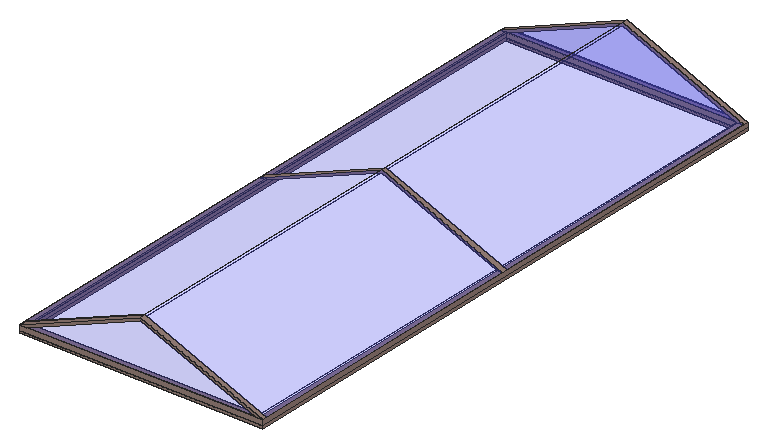
Revit family "ae4c5b717609417ca43c0c95eeb98905", category Windows, host Roof, Revit 2021
Family settings
  Host = Roof
  OmniClass Number = 23.30.30.00
  OmniClass Title = Skylights
  Always vertical = No
  Cut with Voids When Loaded = No
  Shared = No
  Room Calculation Point = No
Parameters (values of type "24" x 60"")
  Width = 2' - 0"
  Visual Light Transmittance = 0.9
  Thermal Resistance (R) = 0.9899 (h·ft²·°F)/BTU
  Solar Heat Gain Coefficient = 0.86
  Rough Width = Width + 0' 0 1/2"  # 2' - 0 1/2"
  Rough Height = Height + 0' 0 1/2"  # 5' - 0 1/2"
  Ridge Angle = 22.00°
  Frame Number = 3
  Height = 5' - 0"
  Heat Transfer Coefficient (U) = 1.0102 BTU/(h·ft²·°F)
  Ridge Height = tan(Ridge Angle) * Width / 2  # 0' - 4.84831"
  Glass Panel Material = Glass
  Frame Material = Metal - Bronze, Light Brush
  Fire Rating = "0.5h"
  Base Height = 0' - 0 1/4"
  Assembly Code = "B2020100"
  Analytic Construction = "Single-glazed windows - domestic"
Types (4): name | Width | Rough Width | Rough Height | Frame Number | Height | Ridge Height
  (no name) | 2' - 0" | 2' - 0 1/2" | 5' - 0 1/2" | 3 | 5' - 0" | 0' - 4.84831"
  17'' x 36'' | 1' - 5" | 1' - 5 1/2" | 3' - 0 1/2" | 2 | 3' - 0" | 0' - 3.43422"
  24" x 60" | 2' - 0" | 2' - 0 1/2" | 5' - 0 1/2" | 3 | 5' - 0" | 0' - 4.84831"
  36" x 72" | 3' - 0" | 3' - 0 1/2" | 6' - 0 1/2" | 5 | 6' - 0" | 0' - 7.27247"
Reference planes (in)
  plane 1 "Center (Front/Back)": y = 0
  plane 2 "Roof": z = 144
  plane 3 "Center (Left/Right)": x = 0
  plane 4: x = -12
  plane 5: x = 12
  plane 6: y = 30
  plane 7: y = -30
  plane 8 "1": y = 27.5
  plane 9 "2": y = -27.5
  plane 10: x = -9.5
  plane 11: x = 9.5
  plane 12: x = -12.5
  plane 13: x = 12.5
  plane 14: y = 30.5
  plane 15: y = -30.5
  plane 16: z = 150.25
  plane 17: z = 150.75
  plane 18: y = 29.5
  plane 19: y = -29
  plane 20: x = -11
  plane 21: x = 11
  plane 22: z = 149.25
  plane 23: z = 155.59831
  plane 24: y = 10
  plane 25: y = -10
  plane 26: y = 9.5
  plane 27: y = -9.5
  plane 28: y = -35.125
Forms (in)
  Sweep 1, solid, material "Metal - Bronze, Light Brush" <- "Frame Material"
    path origin (0, 0, 144) x (1, 0, 0) y (0, 1, 0)
      loop
        line (-12, 30) -> (-12, -30) -> (12, -30) -> (12, 30) -> (-12, 30)
    profile origin (0, 30, 144) x (0, 1, 0) y (0, 0, 1)
      loop
        line (0, 6) -> (0, 6.25) -> (-0.5, 6.25) -> (-0.5, 6) -> (0, 6)
  Sweep 2, solid, material "Metal - Bronze, Light Brush" <- "Frame Material"
    path origin (0, 0, 144) x (1, 0, 0) y (0, 1, 0)
      loop
        line (-12, 30) -> (-12, -30) -> (12, -30) -> (12, 30) -> (-12, 30)
    profile origin (0, 30, 144) x (0, 1, 0) y (0, 0, 1)
      loop
        line (-0.5, 6.25) -> (0, 6.25) -> (0, 6.75) -> (-0.5, 6.75) -> (-0.5, 6.25)
  Extrusion 3, solid, material "Glass" <- "Glass Panel Material"
    sketch origin (0, 0, 0) x (1, 0, 0) y (0, 0, 1)
      loop
        line (-11.33263, 150.75) -> (11.33263, 150.75) -> (0, 155.32868) -> (-11.33263, 150.75)
    from -30 to -29.5
  Extrusion 4, solid, material "Glass" <- "Glass Panel Material"
    sketch origin (0, 0, 0) x (1, 0, 0) y (0, 0, 1)
      loop
        line (0, 155.32868) -> (-11.33263, 150.75) -> (11.33263, 150.75) -> (0, 155.32868)
    from 29.5 to 30
  Extrusion 5, solid, material "Glass" <- "Glass Panel Material"
    sketch origin (0, 0, 0) x (1, 0, 0) y (0, 0, 1)
      loop
        line (0, 155.59831) -> (-12, 150.75) -> (-11.33263, 150.75) -> (0, 155.32868) -> (11.33263, 150.75) -> (12, 150.75) -> (0, 155.59831)
    from -29.5 to 29.5
Lines and regions (in)
  Opening 1
    outline origin (0, 0, 150) x (0, 1, 0) y (-1, 0, 0)
      loop
        line (27.5, 9.5) -> (-27.5, 9.5) -> (-27.5, -9.5) -> (27.5, -9.5) -> (27.5, 9.5)
Dimensions and locks (in)
  equal spacing: host sketch curve, plane 3 "Center (Left/Right)", host sketch curve
  equal spacing: host sketch curve, plane 1 "Center (Front/Back)", host sketch curve
  equal spacing: plane 6, plane 1 "Center (Front/Back)", plane 7
  equal spacing: plane 4, plane 3 "Center (Left/Right)", plane 5
  "Width": plane 4 to plane 5
  "Height": plane 6 to plane 7
  locked: plane 6 to plane 8 "1" at 2.5
  locked: plane 9 "2" to plane 7 at 2.5
  locked: plane 4 to plane 10 at 2.5
  locked: plane 11 to plane 5 at 2.5
  locked: plane 12 to plane 4 at 0.5
  locked: plane 5 to plane 13 at 0.5
  locked: plane 7 to plane 15 at 0.5
  "Base Height": host roof to plane 16
  locked: plane 19 to plane 7 at 1
  locked: plane 4 to plane 20 at 1
  locked: plane 21 to plane 5 at 1
  locked: plane 22 to plane 16 at 1
  locked: plane 14 to plane 6 at 0.5
  locked: plane 6 to plane 18 at 0.5
  locked: plane 17 to plane 16 at 0.5
  "Ridge Height": plane 23 to plane 17
  equal spacing: plane 6, plane 24, plane 25, plane 7
  locked: plane 24 to plane 26 at 0.5
  locked: plane 27 to plane 25 at 0.5
  equal spacing: group 1, group 3, group 2  (x3)
  angle Extrusion 4 to Extrusion 4 = 22.00°
  aligned and locked: plane 2 "Roof" to level
  aligned and locked: Opening 1 sketch curve to plane 8 "1"
  aligned and locked: plane 10 to Opening 1 sketch curve
  aligned and locked: plane 9 "2" to Opening 1 sketch curve
  aligned and locked: Opening 1 sketch curve to plane 11
  aligned and locked: Sweep 1 sketch curve to plane 6  (x2)
  aligned and locked: plane 4 to Sweep 1 sketch curve
  aligned and locked: plane 7 to Sweep 1 sketch curve
  aligned and locked: Sweep 1 sketch curve to plane 5
  aligned and locked: host roof to Sweep 1 sketch curve
  aligned and locked: plane 16 to Sweep 1 sketch curve
  aligned and locked: Sweep 2 sketch curve to Sweep 1  (x4)
  aligned and locked: plane 17 to Sweep 2 sketch curve
  aligned and locked: plane 16 to Sweep 2 sketch curve
  aligned and locked: plane 18 to Sweep 2 sketch curve
  aligned and locked: Sweep 1 sketch curve to plane 18
  aligned and locked: plane 6 to Sweep 2 sketch curve
  aligned and locked: nested 1 to plane 7  (x2)
  aligned and locked: plane 3 "Center (Left/Right)" to nested 1
  aligned and locked: plane 17 to nested 1
  aligned and locked: Extrusion 3 sketch curve to nested 1  (x2)
  aligned and locked: Sweep 2 to Extrusion 3 sketch curve
  aligned and locked: plane 6 to Extrusion 3
  aligned and locked: plane 18 to Extrusion 3
  aligned and locked: Extrusion 4 sketch curve to Extrusion 3  (x2)
  aligned and locked: Sweep 2 to Extrusion 4 sketch curve
  aligned and locked: Extrusion 4 to plane 7
  aligned and locked: Sweep 2 to Extrusion 4
  aligned and locked: plane 23 to nested 1
  aligned and locked: plane 23 to nested 2
  aligned and locked: plane 6 to nested 2
  aligned and locked: Extrusion 5 sketch curve to nested 1  (x3)
  aligned and locked: Extrusion 5 sketch curve to Extrusion 4  (x2)
  aligned and locked: Extrusion 5 to plane 18
  aligned and locked: Extrusion 5 to Extrusion 4
Automatic sketch dimensions
  Extrusion 5 sketch curve to plane 4 = 0' - 0"
Nested families (in)
  nested 1: "Frame" at (0, -30, 150.75), Material <- "Frame Material", type "Frame"
    with Material Metal - Bronze, Light Brush, Width 2' - 0", Height 0' - 4.84831"
  nested 2: "Frame" at (0, 29.5, 150.75), Material <- "Frame Material", type "Frame"
    with Material Metal - Bronze, Light Brush, Width 2' - 0", Height 0' - 4.84831"
  nested 3: "Frame" at (0, -0.25, 150.75), Material <- "Frame Material", type "Frame"
    with Material Metal - Bronze, Light Brush, Width 2' - 0", Height 0' - 4.84831"
Definition of nested family "Frame"
  Parameters (values of type "Frame")
    Width = 1' - 5"
    Material [instance] = none
    Height = 0' - 3.43422"
    Default Elevation = 0' - 0"
  Reference planes (in)
    plane 1 "Center (Front/Back)": y = 0
    plane 2: z = 0
    plane 3 "Center (Left/Right)": x = 0
    plane 4: z = 3.43422
    plane 5: x = -8.5
    plane 6: x = 8.5
    plane 7: y = 0.5
  Forms (in)
    Extrusion 1, solid, material <- "Material"
      sketch origin (0, 0, 0) x (1, 0, 0) y (0, 0, 1)
        loop
          line (-8.5, 0) -> (-7.83263, 0) -> (0, 3.16459) -> (7.83263, 0) -> (8.5, 0) -> (0, 3.43422) -> (-8.5, 0)
      from -0.5 to 0
  Dimensions and locks (in)
    equal spacing: plane 6, plane 3 "Center (Left/Right)", plane 5
    "Width": plane 6 to plane 5
    "Height": plane 4 to plane 2
    locked: plane 7 to plane 1 "Center (Front/Back)" at 0.5
    locked: Extrusion 1 sketch curve to Extrusion 1 sketch curve at 0.25  (x2)
    aligned and locked: plane 2 to level
    aligned and locked: Extrusion 1 sketch curve to plane 2  (x2)
    aligned and locked: plane 3 "Center (Left/Right)" to Extrusion 1 sketch curve
    aligned and locked: plane 4 to Extrusion 1 sketch curve
    aligned and locked: plane 5 to Extrusion 1 sketch curve
    aligned and locked: plane 2 to Extrusion 1 sketch curve
    aligned and locked: plane 6 to Extrusion 1 sketch curve
    aligned and locked: plane 7 to Extrusion 1
    aligned and locked: plane 1 "Center (Front/Back)" to Extrusion 1
